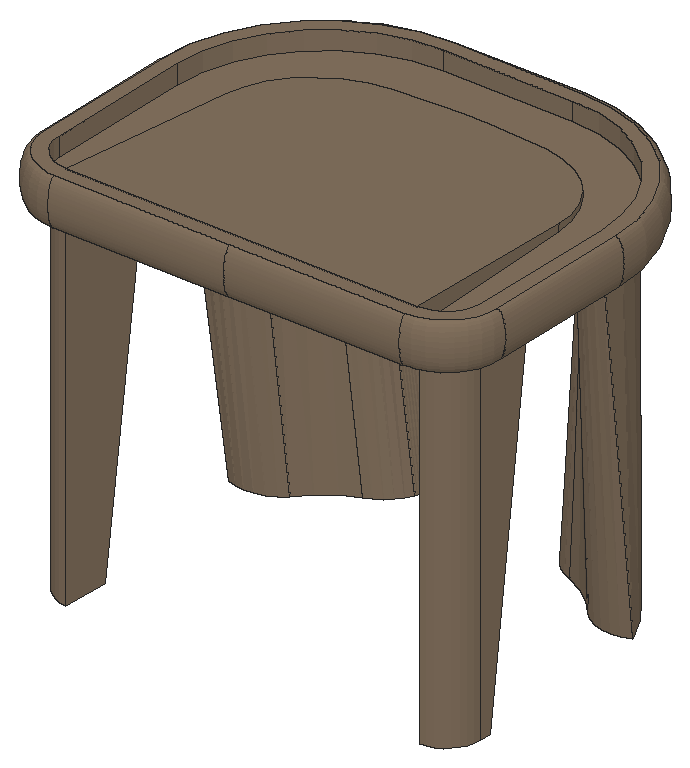
Revit family "Cluster_Stool_BIM", category Arredi, Revit 2023
Family settings
  Numero OmniClass = 23.40.20.00
  Titolo OmniClass = General Furniture and Specialties
  Basato su piano di lavoro = No
  Attiva taglio nelle viste = No
  Sempre verticale = Sì
  Taglio con vuoti quando caricato = No
  Origine composizione di rendering = Geometria famiglia
  Condiviso = No
  Punto di calcolo locali = No
Parameters (values of type "CB-122")
  WIDTH = 500 mm  # constant formula
  WEIGHT = 0.00 kg
  URL = "https://bassamfellows.com/"
  TECHNICAL SHEET = "https://bassamfellows.com/entry.cfm?id=128"
  PRODUCT SHEET = "https://www.archiproducts.com/en/products/bassamfellows/stackable-solid-wood-stool-cluster_447729"
  PRODUCT CODE = "CB-122"  # constant formula
  Modello = "Cluster Stool"  # constant formula
  Produttore = "BassamFellows"
  MATERIAL DESCRIPTION = "Carved solid wood."  # constant formula
  HEIGHT = 42.5 mm  # constant formula
  Descrizione = "Stackable solid wood stool"  # constant formula
  Prospetto di default = 0 mm
  DEPTH = 400 mm  # constant formula
  COLLECTION = "Cluster"
  BIM USER MANUAL = "https://bimcad.edilportale.com/BASSAMFELLOWS-BIM-USER-MANUAL-BassamFellows-bim.pdf"
  BIM BADGE = "https://bim.archiproducts.com/it/badge/bim-archiproducts-featured_658700/about"
  BIM AUTHOR = "https://bim.archiproducts.com/"
  BASE MATERIAL = BASSAM_FELLOWS_WALNUT
  AVAILABLE FINISHES = "Ebonized black lacquer on Oak (EB). Raw effect lacquer on Oak (RE). Hand rubbed natural oil on Oak or Walnut (NA), or hand rubbed black oil on Walnut (BO)."  # constant formula
  ACCESSORIES = ""
Reference planes
  plane 1 "Center (Front/Back)": y = 0
  plane 2: z = 0
  plane 3 "Center (Left/Right)": x = 0
  plane 4: z = 0
Forms (mm)
  Blend 1, solid, material "BASSAM_FELLOWS_WALNUT" <- "BASE MATERIAL", detail levels fine
    base sketch origin (0, 0, 0) x (1, 0, 0) y (0, 1, 0)
      loop
        line (-227.925, -127.961) -> (-227.925, -140.208)
        arc (-227.925, -140.208) -> (-217.397, -166.379) -> (-191.679, -177.969) r 37.792
        line (-191.679, -177.969) -> (-189.247, -127.961) -> (-227.925, -127.961)
    top sketch origin (0, 0, 0) x (1, 0, 0) y (0, 1, 0)
      loop
        line (-227.925, -77.961) -> (-227.925, -140.208)
        arc (-227.925, -140.208) -> (-217.397, -166.379) -> (-191.679, -177.969) r 37.792
        line (-191.679, -177.969) -> (-186.814, -77.961) -> (-227.925, -77.961)
    from 0 to 375
  Blend 2, solid, material "BASSAM_FELLOWS_WALNUT" <- "BASE MATERIAL", detail levels fine
    base sketch origin (0, 0, 0) x (1, 0, 0) y (0, 1, 0)
      loop
        arc (-71.731, 178.039) -> (-160.837, 149.845) -> (-218.717, 76.465) r 159.027
        arc (-218.717, 76.465) -> (-188.415, 72.693) -> (-161.417, 86.96) r 50.847
        arc (-161.417, 86.96) -> (-139.144, 108.948) -> (-111.915, 124.381) r 119.2
        arc (-111.915, 124.381) -> (-92.591, 135.875) -> (-79.834, 154.389) r 52.586
        line (-79.834, 154.389) -> (-71.731, 178.039)
    top sketch origin (0, 0, 0) x (1, 0, 0) y (0, 1, 0)
      loop
        arc (-121.689, 169.23) -> (-196.846, 113.677) -> (-227.817, 25.498) r 159.027
        arc (-227.817, 25.498) -> (-197.929, 31.752) -> (-177.012, 53.999) r 50.847
        arc (-177.012, 53.999) -> (-163.069, 82.02) -> (-142.312, 105.445) r 119.2
        arc (-142.312, 105.445) -> (-127.757, 122.581) -> (-121.689, 144.23) r 52.586
        line (-121.689, 144.23) -> (-121.689, 169.23)
    from 0 to 375
  Sweep 3, solid, material "BASSAM_FELLOWS_WALNUT" <- "BASE MATERIAL", detail levels fine
    path origin (0, 0, 0) x (1, 0, 0) y (0, 1, 0)
      loop
        line (70.187, 200.073) -> (-70.187, 200.073)
        arc (-70.187, 200.073) -> (-197.466, 147.352) -> (-250.187, 20.073) r 180
        line (-250.187, 20.073) -> (-250.187, -140.055)
        arc (-250.187, -140.055) -> (-232.613, -182.481) -> (-190.187, -200.055) r 60
        line (-190.187, -200.055) -> (0, -200.055) -> (190.187, -200.055)
        arc (190.187, -200.055) -> (232.613, -182.481) -> (250.187, -140.055) r 60
        line (250.187, -140.055) -> (250.187, 20.073)
        arc (250.187, 20.073) -> (197.466, 147.352) -> (70.187, 200.073) r 180
    profile origin (0, 200.073, 0) x (0, -1, 0) y (0, 0, 1)
      loop
        spline (4.983, 425) -> (2.618, 424.148) -> (0.413, 421.651) -> (-1.48, 417.678) -> (-2.932, 412.5) -> (-3.845, 406.47) -> (-4.157, 400) -> (-3.845, 393.53) -> (-2.932, 387.5) -> (-1.48, 382.322) -> (0.413, 378.349) -> (2.618, 375.852) -> (4.983, 375)
        line (4.983, 375) -> (20.133, 375) -> (20.133, 425) -> (4.983, 425)
  Extrusion 4, solid, material "BASSAM_FELLOWS_WALNUT" <- "BASE MATERIAL", detail levels fine
    sketch origin (0, 0, 0) x (1, 0, 0) y (0, 1, 0)
      loop
        arc (-70.187, 179.94) -> (-183.229, 133.116) -> (-230.053, 20.073) r 159.867
        line (-230.053, 20.073) -> (-230.053, -140.055)
        arc (-230.053, -140.055) -> (-218.376, -168.245) -> (-190.187, -179.921) r 39.867
        line (-190.187, -179.921) -> (190.187, -179.921)
        arc (190.187, -179.921) -> (218.376, -168.245) -> (230.053, -140.055) r 39.867
        line (230.053, -140.055) -> (230.053, 20.073)
        arc (230.053, 20.073) -> (183.229, 133.116) -> (70.187, 179.94) r 159.867
        line (70.187, 179.94) -> (-70.187, 179.94)
    from 375 to 425
  Blend 5, solid, material "BASSAM_FELLOWS_WALNUT" <- "BASE MATERIAL", detail levels fine
    base sketch origin (0, 0, 0) x (-1, 0, 0) y (0, -1, 0)
      loop
        line (-227.925, 127.961) -> (-189.247, 127.961) -> (-191.679, 177.969)
        arc (-191.679, 177.969) -> (-217.397, 166.379) -> (-227.925, 140.208) r 37.792
        line (-227.925, 140.208) -> (-227.925, 127.961)
    top sketch origin (0, 0, 0) x (-1, 0, 0) y (0, -1, 0)
      loop
        line (-227.925, 77.961) -> (-186.814, 77.961) -> (-191.679, 177.969)
        arc (-191.679, 177.969) -> (-217.397, 166.379) -> (-227.925, 140.208) r 37.792
        line (-227.925, 140.208) -> (-227.925, 77.961)
    from 0 to 375
  Blend 6, solid, material "BASSAM_FELLOWS_WALNUT" <- "BASE MATERIAL", detail levels fine
    base sketch origin (0, 0, 0) x (-1, 0, 0) y (0, -1, 0)
      loop
        line (-71.731, -178.039) -> (-79.834, -154.389)
        arc (-79.834, -154.389) -> (-92.591, -135.875) -> (-111.915, -124.381) r 52.586
        arc (-111.915, -124.381) -> (-139.144, -108.948) -> (-161.417, -86.96) r 119.2
        arc (-161.417, -86.96) -> (-188.415, -72.693) -> (-218.717, -76.465) r 50.847
        arc (-218.717, -76.465) -> (-160.837, -149.845) -> (-71.731, -178.039) r 159.027
    top sketch origin (0, 0, 0) x (-1, 0, 0) y (0, -1, 0)
      loop
        line (-121.689, -169.23) -> (-121.689, -144.23)
        arc (-121.689, -144.23) -> (-127.757, -122.581) -> (-142.312, -105.445) r 52.586
        arc (-142.312, -105.445) -> (-163.069, -82.02) -> (-177.012, -53.999) r 119.2
        arc (-177.012, -53.999) -> (-197.929, -31.752) -> (-227.817, -25.498) r 50.847
        arc (-227.817, -25.498) -> (-196.846, -113.677) -> (-121.689, -169.23) r 159.027
    from 0 to 375
  Extrusion 7, void
    sketch origin (0, 0, 0) x (1, 0, 0) y (0, 1, 0)
      loop
        line (-190.187, -179.921) -> (-180.31, 23.818)
        arc (-180.31, 23.818) -> (-151.105, 93.279) -> (-84.049, 127.647) r 110
        arc (-84.049, 127.647) -> (-0.01, 132.87) -> (84.03, 127.662) r 679.709
        arc (84.03, 127.662) -> (151.098, 93.298) -> (180.31, 23.831) r 110
        line (180.31, 23.831) -> (190.187, -179.921)
        arc (190.187, -179.921) -> (218.376, -168.245) -> (230.053, -140.055) r 39.867
        line (230.053, -140.055) -> (230.053, 20.073)
        arc (230.053, 20.073) -> (183.229, 133.116) -> (70.187, 179.94) r 159.867
        line (70.187, 179.94) -> (-70.187, 179.94)
        arc (-70.187, 179.94) -> (-183.229, 133.116) -> (-230.053, 20.073) r 159.867
        line (-230.053, 20.073) -> (-230.053, -140.055)
        arc (-230.053, -140.055) -> (-218.376, -168.245) -> (-190.187, -179.921) r 39.867
    from 405 to 739.381
  Extrusion 8, void
    sketch origin (0, 0, 0) x (0, 1, 0) y (0, 0, 1)
      loop
        line (-179.921, 425) -> (132.87, 405) -> (132.87, 425) -> (-179.921, 425)
    from -230.053 to 227.925
  Extrusion 9, solid, detail levels medium
    sketch origin (0, 0, 0) x (1, 0, 0) y (0, 1, 0)
      loop
        line (-254.353, 20.073) -> (-254.353, -140.055)
        arc (-254.353, -140.055) -> (-235.559, -185.427) -> (-190.187, -204.221) r 64.167
        line (-190.187, -204.221) -> (190.187, -204.221)
        arc (190.187, -204.221) -> (235.559, -185.427) -> (254.353, -140.055) r 64.167
        line (254.353, -140.055) -> (254.353, 20.073)
        arc (254.353, 20.073) -> (200.412, 150.299) -> (70.187, 204.24) r 184.167
        line (70.187, 204.24) -> (-70.187, 204.24)
        arc (-70.187, 204.24) -> (-200.412, 150.299) -> (-254.353, 20.073) r 184.167
    from 375 to 425
  Extrusion 10, solid, detail levels medium
    sketch origin (0, 0, 0) x (1, 0, 0) y (0, 1, 0)
      loop
        line (-230.053, 20.073) -> (-230.053, -140.055)
        arc (-230.053, -140.055) -> (-218.376, -168.245) -> (-190.187, -179.921) r 39.867
        line (-190.187, -179.921) -> (190.187, -179.921)
        arc (190.187, -179.921) -> (218.376, -168.245) -> (230.053, -140.055) r 39.867
        line (230.053, -140.055) -> (230.053, 20.073)
        arc (230.053, 20.073) -> (183.229, 133.116) -> (70.187, 179.94) r 159.867
        line (70.187, 179.94) -> (-70.187, 179.94)
        arc (-70.187, 179.94) -> (-183.229, 133.116) -> (-230.053, 20.073) r 159.867
    from 0 to 375
Cuts and joins
  Extrusion 7, Extrusion 8 cuts Extrusion 4
Lines and regions (mm)
  symbolic lines, detail levels coarse
    curve 1: arc (-230.053, 20.073, 0) -> (-183.229, 133.116, 0) -> (-70.187, 179.94, 0) r 159.867
    curve 2: line (-70.187, 179.94, 0) -> (70.187, 179.94, 0)
    curve 3: arc (70.187, 179.94, 0) -> (183.229, 133.116, 0) -> (230.053, 20.073, 0) r 159.867
    curve 4: line (230.053, 20.073, 0) -> (230.053, -140.055, 0)
    curve 5: arc (230.053, -140.055, 0) -> (218.376, -168.245, 0) -> (190.187, -179.921, 0) r 39.867
    curve 6: line (190.187, -179.921, 0) -> (-190.187, -179.921, 0)
    curve 7: arc (-190.187, -179.921, 0) -> (-218.376, -168.245, 0) -> (-230.053, -140.055, 0) r 39.867
    curve 8: line (-230.053, -140.055, 0) -> (-230.053, 20.073, 0)
    curve 9: arc (-84.049, 127.647, 0) -> (-0.01, 132.87, 0) -> (84.03, 127.662, 0) r 679.709
    curve 10: arc (84.03, 127.662, 0) -> (151.098, 93.298, 0) -> (180.31, 23.831, 0) r 110
    curve 11: line (180.31, 23.831, 0) -> (190.187, -179.921, 0)
    curve 12: line (-190.187, -179.921, 0) -> (-180.31, 23.818, 0)
    curve 13: arc (-180.31, 23.818, 0) -> (-151.105, 93.279, 0) -> (-84.049, 127.647, 0) r 110
    curve 14: line (-70.187, 204.24, 0) -> (70.187, 204.24, 0)
    curve 15: arc (-254.353, 20.073, 0) -> (-200.412, 150.299, 0) -> (-70.187, 204.24, 0) r 184.167
    curve 16: line (-254.353, -140.055, 0) -> (-254.353, 20.073, 0)
    curve 17: arc (-190.187, -204.221, 0) -> (-235.559, -185.427, 0) -> (-254.353, -140.055, 0) r 64.167
    curve 18: line (190.187, -204.221, 0) -> (-190.187, -204.221, 0)
    curve 19: arc (254.353, -140.055, 0) -> (235.559, -185.427, 0) -> (190.187, -204.221, 0) r 64.167
    curve 20: line (254.353, 20.073, 0) -> (254.353, -140.055, 0)
    curve 21: arc (70.187, 204.24, 0) -> (200.412, 150.299, 0) -> (254.353, 20.073, 0) r 184.167
    curve 22: line (245.203, 0, 425) -> (-245.203, 0, 425)
    curve 23: line (-245.203, 0, 375) -> (245.203, 0, 375)
    curve 24: spline (-245.203, 0, 425) -> (-247.58, 0, 424.148) -> (-249.795, 0, 421.651) -> (-251.697, 0, 417.678) -> (-253.157, 0, 412.5) -> (-254.074, 0, 406.47) -> (-254.387, 0, 400) -> (-254.074, 0, 393.53) -> (-253.157, 0, 387.5) -> (-251.697, 0, 382.322) -> (-249.795, 0, 378.349) -> (-247.58, 0, 375.852) -> (-245.203, 0, 375)
    curve 25: spline (245.203, 0, 425) -> (247.58, 0, 424.148) -> (249.795, 0, 421.651) -> (251.697, 0, 417.678) -> (253.157, 0, 412.5) -> (254.074, 0, 406.47) -> (254.387, 0, 400) -> (254.074, 0, 393.53) -> (253.157, 0, 387.5) -> (251.697, 0, 382.322) -> (249.795, 0, 378.349) -> (247.58, 0, 375.852) -> (245.203, 0, 375)
    curve 26: line (-227.817, 0, 0) -> (-71.731, 0, 0)
    curve 27: line (-71.731, 0, 0) -> (-121.689, 0, 375)
    curve 28: line (-227.817, 0, 375) -> (-227.817, 0, 0)
    curve 29: line (-186.814, 0, 375) -> (-189.247, 0, 0)
    curve 30: line (-161.417, 0, 0) -> (-177.012, 0, 375)
    curve 31: line (-111.915, 0, 0) -> (-142.312, 0, 375)
    curve 32: line (-79.834, 0, 0) -> (-121.689, 0, 375)
    curve 33: line (227.817, 0, 0) -> (71.731, 0, 0)
    curve 34: line (71.731, 0, 0) -> (121.689, 0, 375)
    curve 35: line (227.817, 0, 375) -> (227.817, 0, 0)
    curve 36: line (186.814, 0, 375) -> (189.247, 0, 0)
    curve 37: line (161.417, 0, 0) -> (177.012, 0, 375)
    curve 38: line (111.915, 0, 0) -> (142.312, 0, 375)
    curve 39: line (79.834, 0, 0) -> (121.689, 0, 375)
    curve 40: line (0, -195.09, 375) -> (0, 195.09, 375)
    curve 41: line (0, 195.09, 425) -> (0, -195.09, 425)
    curve 42: spline (0, 195.09, 425) -> (0, 197.454, 424.148) -> (0, 199.657, 421.651) -> (0, 201.548, 417.678) -> (0, 203, 412.5) -> (0, 203.912, 406.47) -> (0, 204.223, 400) -> (0, 203.912, 393.53) -> (0, 203, 387.5) -> (0, 201.548, 382.322) -> (0, 199.657, 378.349) -> (0, 197.454, 375.852) -> (0, 195.09, 375)
    curve 43: spline (0, -195.09, 425) -> (0, -197.454, 424.148) -> (0, -199.657, 421.651) -> (0, -201.548, 417.678) -> (0, -203, 412.5) -> (0, -203.912, 406.47) -> (0, -204.223, 400) -> (0, -203.912, 393.53) -> (0, -203, 387.5) -> (0, -201.548, 382.322) -> (0, -199.657, 378.349) -> (0, -197.454, 375.852) -> (0, -195.09, 375)
    curve 44: line (0, -127.961, 0) -> (0, -177.969, 0)
    curve 45: line (0, -177.969, 0) -> (0, -177.969, 375)
    curve 46: line (0, -77.961, 375) -> (0, -127.961, 0)
    curve 47: line (0, 169.23, 375) -> (0, 178.039, 0)
    curve 48: line (0, 178.039, 0) -> (0, 71.861, 0)
    curve 49: line (0, 71.861, 0) -> (0, 25.494, 375)
Dimensions and locks
  aligned and locked: level to plane 2
